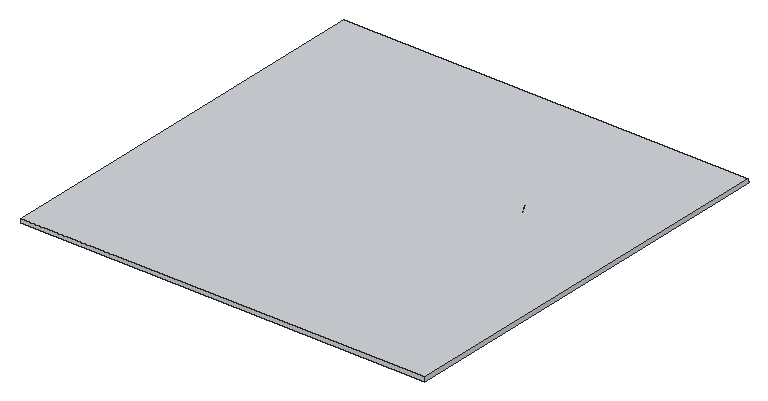
Revit family "Tyco_FireDtctnAlmCtrlIndctEquip_FireClass-AddressableOpticalSmokeHeatAndCODetector", category Fire Alarm Devices, host Face, Revit 2013
Parameters (values of type "FC460PC")
  Weight = "(Excluding Base) 94g"
  WarrantyStartDate [instance] = "1900-12-31T23:59:59"
  WarrantyGuarantorParts = "Contact your supplier. If you don’t have your supplier contact details please contact (tfsuk.service@tycoint.com) or (tfseu.service@tycoint.com)"
  WarrantyGuarantorLabor = "Contact your supplier. If you don’t have your supplier contact details please contact (tfsuk.service@tycoint.com) or (tfseu.service@tycoint.com)"
  WarrantyDurationUnit = "Year"
  WarrantyDurationParts = "1.5 years"
  WarrantyDurationLabor = "1.5 years"
  WarrantyDescription = "n/a"
  Voltage = "20 – 40 VDC"
  Version = "1"
  UsageCurrent = "250μA"
  Uniclass2 = "Ee_40_15_75"
  URL = "https://fireclass.co.uk/en/emea/Pages/ProductDetail.aspx?productdetail=FireClass+Multi+Sensor+Smoke+Detector+Addressable+Heat+Carbon+Monoxide+CO+Alarm+FC460PC"
  Type Comments = "Only 4B_Detector or 4B-I_Isolator Detector Bases can be used with FC460PC Detector"
  TimeConstant = "n/a"
  TagNumber [instance] = "n/a"
  SustainabilityPerformance = "n/a"
  StorageTemperature = "-20°C to +55 °C"
  SmokeSensorRange = "n/a"
  Size = "n/a"
  ShortCircuitIsolators = no
  Shape = "n/a"
  SerialNumber [instance] = "n/a"
  Revision = "n/a"
  ReplacementCost = "n/a"
  RelativeHumidity = "95%(non-condensing)"
  Reference = "n/a"
  QuiescentCurrent = "275μA"
  ProductSpecification = "FC460PC Addressable Optical Smoke, Heat and CO Detector without built in- line isolator and IR Communication Link"
  ProductInformation = "https://fireclass.co.uk/en/emea/Pages/ProductDetail.aspx?productdetail=FireClass+Multi+Sensor+Smoke+Detector+Addressable+Heat+Carbon+Monoxide+CO+Alarm+FC460PC"
  ProductCodes = "516.460.504"
  PressureSensorSetPoint = "n/a"
  PhaseReference = "n/a"
  PhaseAngle = 0.00°
  OperationTemperatureRange = "-10 °C to +55 °C"
  NumberOfPoles = 0
  NominalWidth = 108 mm
  NominalVoltage = "40 V DC"
  NominalLength = 108 mm
  NominalHeight = 42 mm
  NominalFrequencyRange = "n/a"
  NominalDiameter = 108 mm
  NominalCurrent = "n/a"
  Name = "FC460PC Addressable Optical Smoke, Heat and CO Detector without built in- line isolator and IR Communication Link"
  NBSReference = "90-75-30/380"
  NBSDescription = "Fire detection and alarm control and indicating equipment (CIE)"
  ModelReference = "n/a"
  ModelNumber = "FC460PC"
  Model = "FC460PC"
  Material = "Flame Retardant-FR3010 ‘BAYBLEND'"
  ManufacturerURL = "www.fireclass.net"
  ManufacturerName = "Tyco Fire Protection Products"
  Manufacturer = "Tyco Fire Protection Products"  # constant formula
  InsulationStandardClass = "n/a"
  InstallationDate [instance] = "1900-12-31T23:59:59"
  IfcTypeObject = "IfcBuildingElementProxy"
  IfcExportType = "HEATSENSOR"
  IfcExportAs = "IfcSensorType"
  IPCode = "IP44"
  HeatSensorSetPoint = "n/a"
  HeatSensorRange = "n/a"
  HeatSensorAccuracy = "n/a"
  HasProtectiveEarth = no
  HasBuiltInAlarm = no
  Grade = "n/a"
  Finish = "n/a"
  Features = "Optical Smoke,Heat and CO Detector"
  ExpectedLife = "n/a"
  ElectricalDeviceNominalPower = "n/a"
  DurationUnit = "Year"
  DeviceBases = "4B_Detector Base/4B-I_Isolator Detector Base"
  DetectorType = "Optical Smoke,Heat and CO Detector"
  Detector Color = Plastic Material White
  Detector Base [instance] = 4B series Detector Bases : 4B_Detector_Base
  Description = "FireClass-Addressable Optical Smoke, Heat and CO Detector without built in- line isolator and IR Communication Link"
  Default Elevation = 1200 mm
  CoverageArea = "n/a"
  Constituents = "n/a"
  Color = "White"
  CodePerformance = "n/a"
  Category = "Ee_40_15_75"
  Brand = "FireClass"
  BarCode [instance] = "n/a"
  BIMObjectName = "Tyco_FireDtctnAlmCtrlIndctEquip_FireClass-AddressableOpticalSmokeHeatAndCODetector-FC460PC"
  Author = "Tyco Fire Protection Products"
  AssetType = "Moveable"
  AssetIdentifier [instance] = "n/a"
  AlarmCurrent = "3.3mA"
  AccuracyOfSmokeSensor = "n/a"
  AccessibilityPerformance = "n/a"
Reference planes
  plane 1 "Center (Front/Back)": y = 0
  plane 2: z = 0
  plane 3 "Center (Left/Right)": x = 0
  plane 4 "Base Ref": z = -13
  plane 5: z = -55
Forms (mm)
  Extrusion 1, solid
    sketch origin (0, 0, 0) x (1, 0, 0) y (0, 1, 0)
      loop
        line (-100, 100) -> (-100, -100) -> (100, -100) -> (100, 100) -> (-100, 100)
    from 0 to 2
Lines and regions (mm)
  symbolic lines
    curve 1: circle (0, 0, 0) r 55 normal (0, 0, 1)
    curve 2: circle (0, 0, 0) r 27.844 normal (0, 0, 1)
    curve 3: line (-54.5, 0, 0) -> (54.5, 0, 0)
    curve 63: line (0, 54.516, 0) -> (0, -54.509, 0)
  symbolic lines, detail levels medium+fine
    curve 4: line (54.5, 0, 0) -> (54, 0, -13)
    curve 5: line (54, 0, -13) -> (-54, 0, -13)
    curve 6: line (-54, 0, -13) -> (-54.5, 0, 0)
    curve 7: arc (-37.856, 0, -36.4) -> (-41.005, 0, -33.439) -> (-44.898, 0, -31.56) r 14.24
    curve 8: arc (-53.231, 0, -21.704) -> (-50.512, 0, -27.856) -> (-44.898, 0, -31.56) r 11.931
    curve 9: arc (-37.856, 0, -36.4) -> (-35.038, 0, -40.489) -> (-32.735, 0, -44.888) r 41.028
    curve 10: arc (-32.735, 0, -44.888) -> (-28.969, 0, -50.351) -> (-22.82, 0, -52.844) r 11.564
    curve 11: arc (0, 0, -55) -> (-11.461, 0, -54.465) -> (-22.82, 0, -52.844) r 120.632
    curve 12: line (-53.231, 0, -21.704) -> (-54, 0, -13)
    curve 13: arc (37.856, 0, -36.4) -> (41.005, 0, -33.439) -> (44.898, 0, -31.56) r 14.24
    curve 14: arc (53.231, 0, -21.704) -> (50.512, 0, -27.856) -> (44.898, 0, -31.56) r 11.931
    curve 15: arc (37.856, 0, -36.4) -> (35.038, 0, -40.489) -> (32.735, 0, -44.888) r 41.028
    curve 16: arc (32.735, 0, -44.888) -> (28.969, 0, -50.351) -> (22.82, 0, -52.844) r 11.564
    curve 17: arc (0, 0, -55) -> (11.461, 0, -54.465) -> (22.82, 0, -52.844) r 120.632
    curve 18: line (53.231, 0, -21.704) -> (54, 0, -13)
    curve 19: spline (-22.136, 0, -44.829) -> (-22.285, 0, -44.257) -> (-22.444, 0, -43.692) -> (-22.614, 0, -43.133) -> (-22.795, 0, -42.58) -> (-22.986, 0, -42.035) -> (-23.187, 0, -41.497) -> (-23.398, 0, -40.966) -> (-23.619, 0, -40.444) -> (-23.851, 0, -39.931) -> (-24.091, 0, -39.426) -> (-24.341, 0, -38.931) -> (-24.601, 0, -38.445)
    curve 20: spline (-24.601, 0, -38.445) -> (-24.702, 0, -38.266) -> (-24.8, 0, -38.089) -> (-24.896, 0, -37.913) -> (-24.989, 0, -37.739) -> (-25.079, 0, -37.565) -> (-25.167, 0, -37.393) -> (-25.251, 0, -37.223) -> (-25.333, 0, -37.055) -> (-25.411, 0, -36.888) -> (-25.487, 0, -36.723) -> (-25.559, 0, -36.561) -> (-25.629, 0, -36.4)
    curve 21: spline (-16.99, 0, -52.18) -> (-17.571, 0, -51.85) -> (-18.133, 0, -51.46) -> (-18.674, 0, -51.012) -> (-19.19, 0, -50.509) -> (-19.678, 0, -49.954) -> (-20.135, 0, -49.35) -> (-20.561, 0, -48.7) -> (-20.951, 0, -48.007) -> (-21.304, 0, -47.275) -> (-21.617, 0, -46.509) -> (-21.89, 0, -45.712) -> (-22.121, 0, -44.888)
    curve 22: spline (-15.029, 0, -52.569) -> (-15.179, 0, -52.575) -> (-15.34, 0, -52.573) -> (-15.509, 0, -52.563) -> (-15.684, 0, -52.545) -> (-15.863, 0, -52.52) -> (-16.042, 0, -52.488) -> (-16.219, 0, -52.45) -> (-16.391, 0, -52.405) -> (-16.557, 0, -52.355) -> (-16.713, 0, -52.3) -> (-16.858, 0, -52.241) -> (-16.99, 0, -52.179)
    curve 23: line (-8.615, 0, -52.569) -> (-15.029, 0, -52.569)
    curve 24: spline (-7.74, 0, -52.193) -> (-7.718, 0, -52.242) -> (-7.714, 0, -52.29) -> (-7.729, 0, -52.336) -> (-7.763, 0, -52.379) -> (-7.816, 0, -52.418) -> (-7.886, 0, -52.454) -> (-7.973, 0, -52.486) -> (-8.076, 0, -52.513) -> (-8.193, 0, -52.535) -> (-8.323, 0, -52.552) -> (-8.464, 0, -52.563) -> (-8.615, 0, -52.569)
    curve 25: spline (-9.631, 0, -44.858) -> (-9.546, 0, -45.688) -> (-9.446, 0, -46.491) -> (-9.331, 0, -47.263) -> (-9.201, 0, -48) -> (-9.057, 0, -48.698) -> (-8.9, 0, -49.353) -> (-8.732, 0, -49.961) -> (-8.552, 0, -50.519) -> (-8.361, 0, -51.024) -> (-8.162, 0, -51.472) -> (-7.955, 0, -51.863) -> (-7.74, 0, -52.193)
    curve 26: spline (-10.535, 0, -38.446) -> (-10.44, 0, -38.934) -> (-10.348, 0, -39.431) -> (-10.26, 0, -39.938) -> (-10.175, 0, -40.454) -> (-10.093, 0, -40.978) -> (-10.016, 0, -41.511) -> (-9.942, 0, -42.052) -> (-9.872, 0, -42.6) -> (-9.806, 0, -43.155) -> (-9.743, 0, -43.716) -> (-9.685, 0, -44.285) -> (-9.631, 0, -44.858)
    curve 27: spline (-11.314, 0, -36.4) -> (-11.222, 0, -36.558) -> (-11.135, 0, -36.719) -> (-11.053, 0, -36.883) -> (-10.976, 0, -37.048) -> (-10.903, 0, -37.216) -> (-10.836, 0, -37.386) -> (-10.773, 0, -37.558) -> (-10.715, 0, -37.732) -> (-10.663, 0, -37.908) -> (-10.615, 0, -38.086) -> (-10.573, 0, -38.265) -> (-10.535, 0, -38.446)
    curve 28: line (-11.314, 0, -36.4) -> (-25.629, 0, -36.4)
    curve 29: line (25.629, 0, -36.4) -> (11.314, 0, -36.4)
    curve 30: spline (10.566, 0, -38.296) -> (10.604, 0, -38.131) -> (10.646, 0, -37.967) -> (10.693, 0, -37.804) -> (10.745, 0, -37.642) -> (10.8, 0, -37.482) -> (10.861, 0, -37.322) -> (10.926, 0, -37.165) -> (10.995, 0, -37.008) -> (11.068, 0, -36.854) -> (11.146, 0, -36.701) -> (11.228, 0, -36.549) -> (11.314, 0, -36.4)
    curve 31: spline (9.631, 0, -44.858) -> (9.686, 0, -44.27) -> (9.747, 0, -43.687) -> (9.811, 0, -43.111) -> (9.879, 0, -42.542) -> (9.951, 0, -41.981) -> (10.028, 0, -41.428) -> (10.108, 0, -40.883) -> (10.192, 0, -40.346) -> (10.28, 0, -39.819) -> (10.371, 0, -39.301) -> (10.467, 0, -38.794) -> (10.566, 0, -38.296)
    curve 32: spline (7.762, 0, -52.162) -> (7.974, 0, -51.829) -> (8.179, 0, -51.436) -> (8.376, 0, -50.987) -> (8.564, 0, -50.482) -> (8.742, 0, -49.926) -> (8.909, 0, -49.32) -> (9.063, 0, -48.669) -> (9.205, 0, -47.976) -> (9.334, 0, -47.244) -> (9.448, 0, -46.478) -> (9.547, 0, -45.681) -> (9.631, 0, -44.858)
    curve 33: spline (8.688, 0, -52.569) -> (8.521, 0, -52.575) -> (8.364, 0, -52.572) -> (8.22, 0, -52.562) -> (8.091, 0, -52.543) -> (7.979, 0, -52.517) -> (7.884, 0, -52.483) -> (7.81, 0, -52.443) -> (7.757, 0, -52.396) -> (7.725, 0, -52.344) -> (7.716, 0, -52.288) -> (7.729, 0, -52.227) -> (7.764, 0, -52.163)
    curve 34: line (8.688, 0, -52.569) -> (15.092, 0, -52.569)
    curve 35: spline (17.057, 0, -52.145) -> (16.931, 0, -52.199) -> (16.791, 0, -52.252) -> (16.637, 0, -52.303) -> (16.473, 0, -52.352) -> (16.301, 0, -52.397) -> (16.124, 0, -52.438) -> (15.944, 0, -52.474) -> (15.763, 0, -52.505) -> (15.585, 0, -52.53) -> (15.413, 0, -52.55) -> (15.247, 0, -52.563) -> (15.092, 0, -52.569)
    curve 36: spline (22.121, 0, -44.888) -> (21.893, 0, -45.704) -> (21.623, 0, -46.494) -> (21.313, 0, -47.254) -> (20.965, 0, -47.98) -> (20.58, 0, -48.668) -> (20.161, 0, -49.314) -> (19.709, 0, -49.916) -> (19.228, 0, -50.469) -> (18.719, 0, -50.971) -> (18.186, 0, -51.419) -> (17.631, 0, -51.811) -> (17.057, 0, -52.145)
    curve 37: spline (24.552, 0, -38.534) -> (24.296, 0, -39.018) -> (24.049, 0, -39.512) -> (23.812, 0, -40.015) -> (23.584, 0, -40.526) -> (23.366, 0, -41.046) -> (23.157, 0, -41.574) -> (22.959, 0, -42.109) -> (22.77, 0, -42.652) -> (22.592, 0, -43.202) -> (22.425, 0, -43.758) -> (22.268, 0, -44.32) -> (22.121, 0, -44.888)
    curve 38: spline (25.629, 0, -36.4) -> (25.553, 0, -36.565) -> (25.475, 0, -36.732) -> (25.394, 0, -36.903) -> (25.31, 0, -37.075) -> (25.224, 0, -37.25) -> (25.135, 0, -37.428) -> (25.044, 0, -37.607) -> (24.95, 0, -37.789) -> (24.854, 0, -37.973) -> (24.756, 0, -38.158) -> (24.655, 0, -38.345) -> (24.552, 0, -38.534)
    curve 39: spline (-5.342, 0, -52.17) -> (-5.554, 0, -51.838) -> (-5.76, 0, -51.446) -> (-5.958, 0, -50.996) -> (-6.146, 0, -50.492) -> (-6.324, 0, -49.935) -> (-6.492, 0, -49.329) -> (-6.647, 0, -48.677) -> (-6.789, 0, -47.982) -> (-6.918, 0, -47.249) -> (-7.032, 0, -46.481) -> (-7.132, 0, -45.683) -> (-7.216, 0, -44.858)
    curve 40: spline (-7.216, 0, -44.858) -> (-7.282, 0, -44.168) -> (-7.354, 0, -43.485) -> (-7.431, 0, -42.812) -> (-7.514, 0, -42.149) -> (-7.603, 0, -41.497) -> (-7.697, 0, -40.857) -> (-7.796, 0, -40.228) -> (-7.901, 0, -39.612) -> (-8.011, 0, -39.01) -> (-8.125, 0, -38.421) -> (-8.245, 0, -37.848) -> (-8.369, 0, -37.289)
    curve 41: spline (-8.369, 0, -37.289) -> (-8.387, 0, -37.213) -> (-8.403, 0, -37.138) -> (-8.418, 0, -37.063) -> (-8.433, 0, -36.988) -> (-8.447, 0, -36.913) -> (-8.46, 0, -36.839) -> (-8.471, 0, -36.765) -> (-8.482, 0, -36.691) -> (-8.492, 0, -36.618) -> (-8.502, 0, -36.545) -> (-8.51, 0, -36.472) -> (-8.517, 0, -36.4)
    curve 42: line (8.517, 0, -36.4) -> (-8.517, 0, -36.4)
    curve 43: spline (8.517, 0, -36.4) -> (8.51, 0, -36.474) -> (8.501, 0, -36.548) -> (8.491, 0, -36.622) -> (8.481, 0, -36.697) -> (8.47, 0, -36.772) -> (8.457, 0, -36.847) -> (8.444, 0, -36.923) -> (8.43, 0, -37) -> (8.415, 0, -37.076) -> (8.399, 0, -37.153) -> (8.383, 0, -37.231) -> (8.365, 0, -37.308)
    curve 44: spline (8.365, 0, -37.308) -> (8.241, 0, -37.866) -> (8.122, 0, -38.438) -> (8.008, 0, -39.025) -> (7.899, 0, -39.626) -> (7.794, 0, -40.241) -> (7.695, 0, -40.868) -> (7.602, 0, -41.507) -> (7.513, 0, -42.157) -> (7.43, 0, -42.818) -> (7.353, 0, -43.489) -> (7.282, 0, -44.17) -> (7.216, 0, -44.858)
    curve 45: spline (7.216, 0, -44.858) -> (7.132, 0, -45.678) -> (7.034, 0, -46.472) -> (6.92, 0, -47.236) -> (6.792, 0, -47.966) -> (6.651, 0, -48.657) -> (6.497, 0, -49.307) -> (6.331, 0, -49.911) -> (6.155, 0, -50.467) -> (5.968, 0, -50.971) -> (5.772, 0, -51.421) -> (5.568, 0, -51.815) -> (5.357, 0, -52.149)
    curve 46: spline (5.355, 0, -52.148) -> (5.306, 0, -52.202) -> (5.236, 0, -52.255) -> (5.147, 0, -52.305) -> (5.039, 0, -52.353) -> (4.913, 0, -52.398) -> (4.773, 0, -52.439) -> (4.62, 0, -52.475) -> (4.456, 0, -52.505) -> (4.283, 0, -52.531) -> (4.104, 0, -52.55) -> (3.922, 0, -52.563) -> (3.739, 0, -52.569)
    curve 47: line (-3.661, 0, -52.569) -> (3.739, 0, -52.569)
    curve 48: spline (-3.661, 0, -52.569) -> (-3.845, 0, -52.575) -> (-4.029, 0, -52.573) -> (-4.211, 0, -52.562) -> (-4.387, 0, -52.544) -> (-4.556, 0, -52.519) -> (-4.715, 0, -52.486) -> (-4.862, 0, -52.446) -> (-4.994, 0, -52.4) -> (-5.109, 0, -52.348) -> (-5.207, 0, -52.292) -> (-5.284, 0, -52.232) -> (-5.341, 0, -52.169)
    curve 49: line (44.898, 0, -31.56) -> (-44.898, 0, -31.56)
    curve 50: spline (0, 37.856, -36.4) -> (0, 37.299, -37.005) -> (0, 36.763, -37.63) -> (0, 36.251, -38.275) -> (0, 35.762, -38.94) -> (0, 35.296, -39.622) -> (0, 34.855, -40.322) -> (0, 34.439, -41.038) -> (0, 34.049, -41.77) -> (0, 33.685, -42.516) -> (0, 33.348, -43.275) -> (0, 33.038, -44.046) -> (0, 32.755, -44.829)
    curve 51: spline (0, 32.755, -44.829) -> (0, 32.382, -45.801) -> (0, 31.928, -46.735) -> (0, 31.397, -47.625) -> (0, 30.793, -48.464) -> (0, 30.122, -49.246) -> (0, 29.387, -49.964) -> (0, 28.594, -50.613) -> (0, 27.75, -51.188) -> (0, 26.861, -51.685) -> (0, 25.934, -52.1) -> (0, 24.975, -52.43) -> (0, 23.992, -52.672)
    curve 52: arc (0, 53.231, -21.704) -> (0, 50.509, -27.854) -> (0, 44.898, -31.56) r 11.949
    curve 53: arc (0, 44.898, -31.56) -> (0, 41.006, -33.441) -> (0, 37.856, -36.4) r 14.284
    curve 54: arc (0, 23.992, -52.672) -> (0, 12.052, -54.412) -> (0, 0, -55) r 125.727
    curve 55: line (0, 53.231, -21.704) -> (0, 53.992, -13)
    curve 56: spline (0, -37.856, -36.4) -> (0, -37.299, -37.005) -> (0, -36.763, -37.63) -> (0, -36.251, -38.275) -> (0, -35.762, -38.94) -> (0, -35.296, -39.622) -> (0, -34.855, -40.322) -> (0, -34.439, -41.038) -> (0, -34.049, -41.77) -> (0, -33.685, -42.516) -> (0, -33.348, -43.275) -> (0, -33.038, -44.046) -> (0, -32.755, -44.829)
    curve 57: spline (0, -32.755, -44.829) -> (0, -32.382, -45.801) -> (0, -31.928, -46.735) -> (0, -31.397, -47.625) -> (0, -30.793, -48.464) -> (0, -30.122, -49.246) -> (0, -29.387, -49.964) -> (0, -28.594, -50.613) -> (0, -27.75, -51.188) -> (0, -26.861, -51.685) -> (0, -25.934, -52.1) -> (0, -24.975, -52.43) -> (0, -23.992, -52.672)
    curve 58: arc (0, -53.231, -21.704) -> (0, -50.509, -27.854) -> (0, -44.898, -31.56) r 11.949
    curve 59: arc (0, -44.898, -31.56) -> (0, -41.006, -33.441) -> (0, -37.856, -36.4) r 14.284
    curve 60: arc (0, -23.992, -52.672) -> (0, -12.052, -54.412) -> (0, 0, -55) r 125.727
    curve 61: line (0, -53.231, -21.704) -> (0, -53.992, -13)
    curve 62: line (0, 53.992, -13) -> (0, -53.992, -13)
    curve 64: line (0, -54.509, 0) -> (0, -53.992, -13)
    curve 65: line (0, 53.992, -13) -> (0, 54.516, 0)
    curve 66: line (0, 53.231, -21.704) -> (0, -53.231, -21.704)
    curve 67: spline (0, 5.342, -52.17) -> (0, 5.554, -51.838) -> (0, 5.76, -51.446) -> (0, 5.958, -50.996) -> (0, 6.146, -50.492) -> (0, 6.324, -49.935) -> (0, 6.492, -49.329) -> (0, 6.647, -48.677) -> (0, 6.789, -47.982) -> (0, 6.918, -47.249) -> (0, 7.032, -46.481) -> (0, 7.132, -45.683) -> (0, 7.216, -44.858)
    curve 68: spline (0, 3.661, -52.569) -> (0, 3.845, -52.575) -> (0, 4.029, -52.573) -> (0, 4.21, -52.562) -> (0, 4.387, -52.544) -> (0, 4.556, -52.519) -> (0, 4.715, -52.486) -> (0, 4.862, -52.446) -> (0, 4.994, -52.4) -> (0, 5.109, -52.348) -> (0, 5.207, -52.292) -> (0, 5.284, -52.232) -> (0, 5.341, -52.169)
    curve 69: line (0, 0, -52.569) -> (0, 3.661, -52.569)
    curve 70: line (0, -3.739, -52.569) -> (0, 0, -52.569)
    curve 71: spline (0, -5.355, -52.148) -> (0, -5.306, -52.202) -> (0, -5.236, -52.255) -> (0, -5.147, -52.305) -> (0, -5.039, -52.353) -> (0, -4.913, -52.398) -> (0, -4.773, -52.439) -> (0, -4.62, -52.475) -> (0, -4.456, -52.505) -> (0, -4.283, -52.531) -> (0, -4.104, -52.55) -> (0, -3.922, -52.563) -> (0, -3.739, -52.569)
    curve 72: spline (0, -7.216, -44.858) -> (0, -7.132, -45.678) -> (0, -7.034, -46.472) -> (0, -6.92, -47.236) -> (0, -6.792, -47.966) -> (0, -6.651, -48.657) -> (0, -6.497, -49.307) -> (0, -6.331, -49.911) -> (0, -6.155, -50.467) -> (0, -5.968, -50.971) -> (0, -5.772, -51.421) -> (0, -5.568, -51.815) -> (0, -5.357, -52.149)
    curve 73: spline (0, -8.365, -37.308) -> (0, -8.241, -37.866) -> (0, -8.122, -38.438) -> (0, -8.008, -39.025) -> (0, -7.899, -39.626) -> (0, -7.794, -40.241) -> (0, -7.695, -40.868) -> (0, -7.602, -41.507) -> (0, -7.513, -42.157) -> (0, -7.43, -42.818) -> (0, -7.353, -43.489) -> (0, -7.282, -44.17) -> (0, -7.216, -44.858)
    curve 74: spline (0, 7.216, -44.858) -> (0, 7.282, -44.165) -> (0, 7.354, -43.48) -> (0, 7.432, -42.805) -> (0, 7.516, -42.14) -> (0, 7.605, -41.486) -> (0, 7.699, -40.843) -> (0, 7.799, -40.212) -> (0, 7.904, -39.594) -> (0, 8.014, -38.99) -> (0, 8.13, -38.4) -> (0, 8.25, -37.825) -> (0, 8.375, -37.265)
    curve 75: spline (0, 8.375, -37.265) -> (0, 8.391, -37.191) -> (0, 8.407, -37.118) -> (0, 8.422, -37.045) -> (0, 8.436, -36.972) -> (0, 8.449, -36.899) -> (0, 8.462, -36.827) -> (0, 8.473, -36.755) -> (0, 8.484, -36.683) -> (0, 8.493, -36.612) -> (0, 8.502, -36.541) -> (0, 8.51, -36.47) -> (0, 8.517, -36.4)
    curve 76: line (0, 8.517, -36.4) -> (0, 0, -36.4)
    curve 77: line (0, 0, -36.4) -> (0, -8.517, -36.4)
    curve 78: spline (0, -8.517, -36.4) -> (0, -8.51, -36.474) -> (0, -8.501, -36.548) -> (0, -8.491, -36.622) -> (0, -8.481, -36.697) -> (0, -8.47, -36.772) -> (0, -8.457, -36.848) -> (0, -8.444, -36.923) -> (0, -8.43, -37) -> (0, -8.415, -37.076) -> (0, -8.399, -37.153) -> (0, -8.383, -37.231) -> (0, -8.365, -37.308)
    curve 79: spline (0, 11.314, -36.4) -> (0, 11.222, -36.558) -> (0, 11.135, -36.719) -> (0, 11.053, -36.882) -> (0, 10.976, -37.048) -> (0, 10.903, -37.216) -> (0, 10.836, -37.386) -> (0, 10.773, -37.558) -> (0, 10.715, -37.732) -> (0, 10.663, -37.907) -> (0, 10.615, -38.085) -> (0, 10.573, -38.264) -> (0, 10.535, -38.445)
    curve 80: spline (0, 10.535, -38.445) -> (0, 10.44, -38.933) -> (0, 10.348, -39.43) -> (0, 10.26, -39.937) -> (0, 10.175, -40.453) -> (0, 10.094, -40.978) -> (0, 10.016, -41.51) -> (0, 9.942, -42.051) -> (0, 9.872, -42.599) -> (0, 9.806, -43.154) -> (0, 9.743, -43.716) -> (0, 9.685, -44.284) -> (0, 9.631, -44.858)
    curve 81: spline (0, 9.631, -44.858) -> (0, 9.546, -45.688) -> (0, 9.446, -46.491) -> (0, 9.33, -47.263) -> (0, 9.201, -48) -> (0, 9.057, -48.698) -> (0, 8.9, -49.353) -> (0, 8.732, -49.961) -> (0, 8.552, -50.519) -> (0, 8.361, -51.024) -> (0, 8.162, -51.472) -> (0, 7.955, -51.863) -> (0, 7.74, -52.193)
    curve 82: spline (0, 7.74, -52.193) -> (0, 7.718, -52.242) -> (0, 7.714, -52.29) -> (0, 7.729, -52.336) -> (0, 7.763, -52.379) -> (0, 7.816, -52.418) -> (0, 7.886, -52.454) -> (0, 7.973, -52.486) -> (0, 8.076, -52.513) -> (0, 8.193, -52.535) -> (0, 8.323, -52.552) -> (0, 8.464, -52.563) -> (0, 8.616, -52.569)
    curve 83: line (0, 8.616, -52.569) -> (0, 15.029, -52.569)
    curve 84: spline (0, 15.029, -52.569) -> (0, 15.179, -52.575) -> (0, 15.34, -52.573) -> (0, 15.509, -52.563) -> (0, 15.684, -52.545) -> (0, 15.863, -52.52) -> (0, 16.041, -52.488) -> (0, 16.219, -52.45) -> (0, 16.391, -52.405) -> (0, 16.557, -52.355) -> (0, 16.713, -52.3) -> (0, 16.858, -52.241) -> (0, 16.99, -52.179)
    curve 85: spline (0, 16.99, -52.18) -> (0, 17.571, -51.85) -> (0, 18.133, -51.46) -> (0, 18.674, -51.012) -> (0, 19.19, -50.509) -> (0, 19.678, -49.954) -> (0, 20.135, -49.35) -> (0, 20.561, -48.7) -> (0, 20.951, -48.007) -> (0, 21.304, -47.275) -> (0, 21.617, -46.509) -> (0, 21.89, -45.712) -> (0, 22.121, -44.888)
    curve 86: spline (0, 22.136, -44.829) -> (0, 22.285, -44.257) -> (0, 22.444, -43.692) -> (0, 22.614, -43.133) -> (0, 22.795, -42.58) -> (0, 22.985, -42.035) -> (0, 23.187, -41.497) -> (0, 23.398, -40.967) -> (0, 23.619, -40.445) -> (0, 23.85, -39.931) -> (0, 24.091, -39.426) -> (0, 24.341, -38.931) -> (0, 24.601, -38.445)
    curve 87: spline (0, 24.601, -38.445) -> (0, 24.702, -38.267) -> (0, 24.8, -38.09) -> (0, 24.896, -37.914) -> (0, 24.989, -37.739) -> (0, 25.079, -37.566) -> (0, 25.167, -37.394) -> (0, 25.251, -37.224) -> (0, 25.333, -37.055) -> (0, 25.411, -36.888) -> (0, 25.487, -36.724) -> (0, 25.559, -36.561) -> (0, 25.629, -36.4)
    curve 88: line (0, 25.629, -36.4) -> (0, 11.314, -36.4)
    curve 89: line (0, -11.314, -36.4) -> (0, -25.629, -36.4)
    curve 90: spline (0, -25.629, -36.4) -> (0, -25.553, -36.565) -> (0, -25.475, -36.733) -> (0, -25.394, -36.903) -> (0, -25.31, -37.076) -> (0, -25.224, -37.251) -> (0, -25.135, -37.428) -> (0, -25.044, -37.608) -> (0, -24.95, -37.789) -> (0, -24.854, -37.973) -> (0, -24.755, -38.159) -> (0, -24.655, -38.346) -> (0, -24.552, -38.535)
    curve 91: spline (0, -24.552, -38.535) -> (0, -24.298, -39.015) -> (0, -24.053, -39.504) -> (0, -23.818, -40.002) -> (0, -23.591, -40.509) -> (0, -23.375, -41.024) -> (0, -23.168, -41.546) -> (0, -22.97, -42.077) -> (0, -22.783, -42.614) -> (0, -22.606, -43.159) -> (0, -22.439, -43.709) -> (0, -22.282, -44.266) -> (0, -22.136, -44.829)
    curve 92: spline (0, -22.121, -44.888) -> (0, -21.893, -45.704) -> (0, -21.623, -46.494) -> (0, -21.313, -47.254) -> (0, -20.965, -47.98) -> (0, -20.58, -48.668) -> (0, -20.161, -49.314) -> (0, -19.709, -49.916) -> (0, -19.228, -50.469) -> (0, -18.719, -50.971) -> (0, -18.186, -51.419) -> (0, -17.631, -51.811) -> (0, -17.057, -52.145)
    curve 93: spline (0, -17.057, -52.145) -> (0, -16.931, -52.199) -> (0, -16.79, -52.252) -> (0, -16.637, -52.304) -> (0, -16.473, -52.352) -> (0, -16.301, -52.397) -> (0, -16.124, -52.438) -> (0, -15.944, -52.474) -> (0, -15.763, -52.505) -> (0, -15.585, -52.53) -> (0, -15.413, -52.55) -> (0, -15.247, -52.563) -> (0, -15.092, -52.569)
    curve 94: line (0, -8.688, -52.569) -> (0, -15.092, -52.569)
    curve 95: spline (0, -8.688, -52.569) -> (0, -8.521, -52.575) -> (0, -8.364, -52.573) -> (0, -8.22, -52.562) -> (0, -8.091, -52.544) -> (0, -7.978, -52.517) -> (0, -7.884, -52.484) -> (0, -7.81, -52.443) -> (0, -7.757, -52.397) -> (0, -7.725, -52.344) -> (0, -7.716, -52.287) -> (0, -7.729, -52.226) -> (0, -7.764, -52.163)
    curve 96: spline (0, -7.763, -52.162) -> (0, -7.975, -51.828) -> (0, -8.18, -51.436) -> (0, -8.376, -50.986) -> (0, -8.564, -50.482) -> (0, -8.742, -49.925) -> (0, -8.909, -49.32) -> (0, -9.063, -48.669) -> (0, -9.205, -47.976) -> (0, -9.334, -47.244) -> (0, -9.448, -46.478) -> (0, -9.547, -45.681) -> (0, -9.631, -44.858)
    curve 97: spline (0, -9.631, -44.858) -> (0, -9.686, -44.27) -> (0, -9.747, -43.687) -> (0, -9.811, -43.111) -> (0, -9.879, -42.542) -> (0, -9.951, -41.981) -> (0, -10.028, -41.427) -> (0, -10.108, -40.882) -> (0, -10.192, -40.346) -> (0, -10.28, -39.818) -> (0, -10.372, -39.301) -> (0, -10.467, -38.793) -> (0, -10.566, -38.295)
    curve 98: spline (0, -10.566, -38.295) -> (0, -10.604, -38.13) -> (0, -10.646, -37.966) -> (0, -10.693, -37.803) -> (0, -10.745, -37.642) -> (0, -10.8, -37.481) -> (0, -10.861, -37.322) -> (0, -10.926, -37.164) -> (0, -10.995, -37.008) -> (0, -11.068, -36.854) -> (0, -11.146, -36.701) -> (0, -11.228, -36.549) -> (0, -11.314, -36.4)
  symbolic lines, detail levels coarse
    curve 99: line (-54.5, 0, -55) -> (-54.5, 0, 0)
    curve 100: line (54.559, 0, -55) -> (-54.5, 0, -55)
    curve 101: line (54.559, 0, 0) -> (54.559, 0, -55)
    curve 102: line (0, 54.516, 0) -> (0, 54.516, -55)
    curve 103: line (0, -54.509, 0) -> (0, -54.509, -55)
    curve 104: line (0, -54.509, -55) -> (0, 54.516, -55)
Dimensions and locks
  locked: plane 4 "Base Ref" to plane 5 at 42
  locked: Extrusion 1 sketch curve to Extrusion 1 sketch curve at 200  (x2)
  locked: plane 3 "Center (Left/Right)" to Extrusion 1 sketch curve at 100
  locked: plane 1 "Center (Front/Back)" to Extrusion 1 sketch curve at 100
  locked: level to plane 4 "Base Ref" at 13
  aligned and locked: plane 2 to Extrusion 1
  aligned and locked: level to Extrusion 1
  aligned and locked: plane 3 "Center (Left/Right)" to nested 1
  aligned and locked: plane 1 "Center (Front/Back)" to nested 1
  aligned and locked: plane 1 "Center (Front/Back)" to nested 2
  aligned and locked: plane 3 "Center (Left/Right)" to nested 2
  aligned and locked: plane 1 "Center (Front/Back)" to curve 1
  aligned and locked: plane 3 "Center (Left/Right)" to curve 1
  aligned and locked: plane 1 "Center (Front/Back)" to curve 2
  aligned and locked: plane 3 "Center (Left/Right)" to curve 2
  aligned and locked: plane 4 "Base Ref" to nested 1
  aligned and locked: nested 1 to Extrusion 1
  aligned and locked: curve 12 to nested 2
  aligned and locked: curve 28 to nested 2
  aligned and locked: nested 1 to curve 62
  aligned and locked: nested 2 to curve 88
  aligned and locked: curve 99 to nested 1
  aligned and locked: plane 5 to curve 100
  aligned and locked: curve 101 to nested 1
  aligned and locked: nested 1 to curve 99
  aligned and locked: plane 5 to curve 104
Nested families
  nested 1: "4B series Detector Bases" at (0, 0, 0), type <- "Detector Base", type "4B_Detector_Base"
  nested 2: "Detector Model" at (0, 0, -13), type "Detector Model"
Connectors
  electrical at (0, 0, 0)
    settings: on plane 2, index 1, voltage 0 V, apparent load 0 VA, apparent load phase1 0 VA, apparent load phase2 0 VA, apparent load phase3 0 VA, power factor 1, load classification "Other", number of poles 1, system type 11, power factor state 1, is connector primary yes, connector utility no, sub classification motor no, connector description "Loop Powered"
Definition of nested family "4B series Detector Bases"
  Parameters (values of type "4B-I_Isolator_Detector_Base")
    Material = Plastic Material White
    Manufacturer = "Tyco"
    Default Elevation = 0 mm
  Types (3): name
    4B_Detector_Base
    4B-C_Continuity_Detector_Base
    4B-I_Isolator_Detector_Base
  Reference planes
    plane 1 "Center (Front/Back)": y = 0
    plane 2: z = 0
    plane 3 "Center (Left/Right)": x = 0
    plane 4 "Base Ref": z = -13
  Forms (mm)
    Revolve 1, solid, material "Plastic Material White" <- "Material"
      sketch origin (0, 0, 0) x (1, 0, 0) y (0, 0, 1)
        loop
          line (0, 0) -> (-54.5, 0) -> (-54.023, -13) -> (0, -13) -> (0, 0)
        axis (0, 0) -> (0, -13)
      angle from 0 to 360
  Dimensions and locks
    locked: plane 3 "Center (Left/Right)" to Revolve 1 sketch curve at 54.5
    plane 3 "Center (Left/Right)" to Revolve 1 sketch curve = 54.023 mm
    locked: level to plane 4 "Base Ref" at 13
    locked: Revolve 1 sketch curve to Revolve 1 sketch curve (angle 87.90°)
    aligned and locked: level to plane 2
    aligned and locked: plane 3 "Center (Left/Right)" to Revolve 1 sketch curve
    aligned and locked: level to Revolve 1 sketch curve
    aligned and locked: Revolve 1 sketch curve to plane 3 "Center (Left/Right)"
    aligned and locked: plane 4 "Base Ref" to Revolve 1 sketch curve
Definition of nested family "Detector Model"
  Parameters (values of type "Detector Model")
    Model = "Detector Model"
    Material = Plastic Material White
    Manufacturer = "Tyco"
  Reference planes
    plane 1 "Center (Front/Back)": y = 0
    plane 2: z = 0
    plane 3 "Center (Left/Right)": x = 0
    plane 4: z = -42
    plane 5 "Ref": z = -23.4
  Forms (mm)
    Revolve 1, solid, material "Plastic Material White" <- "Material"
      sketch origin (0, 0, 0) x (1, 0, 0) y (0, 0, 1)
        loop
          arc (-53.231, -8.704) -> (-50.502, -14.848) -> (-44.898, -18.56) r 12
          arc (-44.898, -18.56) -> (-37.35, -23.928) -> (-32.568, -31.859) r 22.749
          arc (-32.568, -31.859) -> (-29.115, -36.946) -> (-23.598, -39.657) r 12.009
          arc (-23.598, -39.657) -> (-11.857, -41.413) -> (0, -42) r 120
          line (0, -42) -> (0, -39.5)
          arc (0, -39.5) -> (-11.964, -38.889) -> (-23.804, -37.064) r 117.5
          line (-23.804, -37.064) -> (-27.901, -23.206) -> (-38.112, -19.797)
          arc (-38.112, -19.797) -> (-40.949, -17.799) -> (-44.033, -16.209) r 25.249
          arc (-44.033, -16.209) -> (-48.534, -13.303) -> (-50.746, -8.424) r 9.5
          line (-50.746, -8.424) -> (-51.49, 0) -> (-54, 0) -> (-53.231, -8.704)
        axis (0, 0) -> (0, -42)
      angle from 0 to 360
    Extrusion 2, void
      sketch origin (0, 0, 0) x (1, 0, 0) y (0, 1, 0)
        loop
          arc (3.675, 23.717) -> (4.724, 23.943) -> (5.354, 24.811) r 1.5
          line (5.354, 24.811) -> (8.376, 36.088)
          arc (8.376, 36.088) -> (8.535, 37.153) -> (8.464, 38.226) r 5
          line (8.464, 38.226) -> (7.11, 45.906)
          arc (7.11, 45.906) -> (0, 46.454) -> (-7.11, 45.906) r 46.454
          line (-7.11, 45.906) -> (-8.464, 38.226)
          arc (-8.464, 38.226) -> (-8.535, 37.14) -> (-8.369, 36.064) r 5
          line (-8.369, 36.064) -> (-5.354, 24.811)
          arc (-5.354, 24.811) -> (-4.724, 23.943) -> (-3.675, 23.717) r 1.5
          arc (-3.675, 23.717) -> (0, 24) -> (3.675, 23.717) r 24
        loop
          line (-34.489, 10.535) -> (-24.164, 7.769)
          arc (-24.164, 7.769) -> (-23.097, 7.88) -> (-22.377, 8.675) r 1.5
          arc (-22.377, 8.675) -> (-20.785, 12) -> (-18.702, 15.041) r 24
          arc (-18.702, 15.041) -> (-18.373, 16.063) -> (-18.81, 17.042) r 1.5
          line (-18.81, 17.042) -> (-26.368, 24.601)
          arc (-26.368, 24.601) -> (-27.121, 25.219) -> (-27.978, 25.679) r 5
          line (-27.978, 25.679) -> (-36.201, 29.11)
          arc (-36.201, 29.11) -> (-40.23, 23.227) -> (-43.311, 16.796) r 46.454
          line (-43.311, 16.796) -> (-36.229, 11.391)
          arc (-36.229, 11.391) -> (-35.401, 10.878) -> (-34.489, 10.535) r 5
        loop
          line (-24.811, 5.354) -> (-36.089, 8.376)
          arc (-36.089, 8.376) -> (-37.153, 8.535) -> (-38.226, 8.464) r 5
          line (-38.226, 8.464) -> (-45.906, 7.11)
          arc (-45.906, 7.11) -> (-46.454, 0) -> (-45.906, -7.11) r 46.454
          line (-45.906, -7.11) -> (-38.226, -8.464)
          arc (-38.226, -8.464) -> (-37.153, -8.535) -> (-36.088, -8.376) r 5
          line (-36.088, -8.376) -> (-24.811, -5.354)
          arc (-24.811, -5.354) -> (-23.943, -4.724) -> (-23.717, -3.675) r 1.5
          arc (-23.717, -3.675) -> (-24, 0) -> (-23.717, 3.675) r 24
          arc (-23.717, 3.675) -> (-23.943, 4.724) -> (-24.811, 5.354) r 1.5
        loop
          line (-24.601, 26.369) -> (-17.042, 18.81)
          arc (-17.042, 18.81) -> (-16.063, 18.373) -> (-15.041, 18.702) r 1.5
          arc (-15.041, 18.702) -> (-12, 20.785) -> (-8.676, 22.377) r 24
          arc (-8.676, 22.377) -> (-7.88, 23.097) -> (-7.769, 24.164) r 1.5
          line (-7.769, 24.164) -> (-10.535, 34.489)
          arc (-10.535, 34.489) -> (-10.878, 35.4) -> (-11.39, 36.228) r 5
          line (-11.39, 36.228) -> (-16.796, 43.311)
          arc (-16.796, 43.311) -> (-23.227, 40.23) -> (-29.11, 36.201) r 46.454
          line (-29.11, 36.201) -> (-25.68, 27.979)
          arc (-25.68, 27.979) -> (-25.219, 27.121) -> (-24.601, 26.369) r 5
        loop
          arc (7.772, 24.177) -> (7.877, 23.103) -> (8.675, 22.377) r 1.5
          arc (8.675, 22.377) -> (12, 20.785) -> (15.041, 18.702) r 24
          arc (15.041, 18.702) -> (16.062, 18.373) -> (17.042, 18.81) r 1.5
          line (17.042, 18.81) -> (24.601, 26.369)
          arc (24.601, 26.369) -> (25.219, 27.121) -> (25.68, 27.979) r 5
          line (25.68, 27.979) -> (29.11, 36.201)
          arc (29.11, 36.201) -> (23.227, 40.23) -> (16.796, 43.311) r 46.454
          line (16.796, 43.311) -> (11.39, 36.228)
          arc (11.39, 36.228) -> (10.878, 35.4) -> (10.535, 34.489) r 5
          line (10.535, 34.489) -> (7.772, 24.177)
        loop
          arc (18.818, 17.05) -> (18.373, 16.068) -> (18.702, 15.041) r 1.5
          arc (18.702, 15.041) -> (20.785, 12) -> (22.377, 8.675) r 24
          arc (22.377, 8.675) -> (23.097, 7.88) -> (24.164, 7.769) r 1.5
          line (24.164, 7.769) -> (34.489, 10.535)
          arc (34.489, 10.535) -> (35.401, 10.878) -> (36.229, 11.391) r 5
          line (36.229, 11.391) -> (43.311, 16.796)
          arc (43.311, 16.796) -> (40.23, 23.227) -> (36.201, 29.11) r 46.454
          line (36.201, 29.11) -> (27.978, 25.679)
          arc (27.978, 25.679) -> (27.121, 25.219) -> (26.368, 24.601) r 5
          line (26.368, 24.601) -> (18.818, 17.05)
        loop
          arc (23.717, -3.675) -> (23.943, -4.724) -> (24.811, -5.354) r 1.5
          line (24.811, -5.354) -> (36.085, -8.375)
          arc (36.085, -8.375) -> (37.151, -8.535) -> (38.226, -8.464) r 5
          line (38.226, -8.464) -> (45.906, -7.11)
          arc (45.906, -7.11) -> (46.454, 0) -> (45.906, 7.11) r 46.454
          line (45.906, 7.11) -> (38.226, 8.464)
          arc (38.226, 8.464) -> (37.151, 8.535) -> (36.085, 8.375) r 5
          line (36.085, 8.375) -> (24.811, 5.354)
          arc (24.811, 5.354) -> (23.943, 4.724) -> (23.717, 3.675) r 1.5
          arc (23.717, 3.675) -> (24, 0) -> (23.717, -3.675) r 24
        loop
          arc (18.702, -15.041) -> (18.372, -16.057) -> (18.802, -17.034) r 1.5
          line (18.802, -17.034) -> (26.368, -24.601)
          arc (26.368, -24.601) -> (27.121, -25.219) -> (27.978, -25.679) r 5
          line (27.978, -25.679) -> (36.201, -29.11)
          arc (36.201, -29.11) -> (40.23, -23.227) -> (43.311, -16.796) r 46.454
          line (43.311, -16.796) -> (36.229, -11.391)
          arc (36.229, -11.391) -> (35.401, -10.878) -> (34.489, -10.535) r 5
          line (34.489, -10.535) -> (24.164, -7.769)
          arc (24.164, -7.769) -> (23.097, -7.88) -> (22.377, -8.675) r 1.5
          arc (22.377, -8.675) -> (20.785, -12) -> (18.702, -15.041) r 24
        loop
          arc (8.675, -22.377) -> (7.883, -23.091) -> (7.765, -24.151) r 1.5
          line (7.765, -24.151) -> (10.535, -34.489)
          arc (10.535, -34.489) -> (10.878, -35.4) -> (11.39, -36.228) r 5
          line (11.39, -36.228) -> (16.796, -43.311)
          arc (16.796, -43.311) -> (23.227, -40.23) -> (29.11, -36.201) r 46.454
          line (29.11, -36.201) -> (25.68, -27.979)
          arc (25.68, -27.979) -> (25.219, -27.121) -> (24.601, -26.369) r 5
          line (24.601, -26.369) -> (17.042, -18.81)
          arc (17.042, -18.81) -> (16.062, -18.373) -> (15.041, -18.702) r 1.5
          arc (15.041, -18.702) -> (12, -20.785) -> (8.675, -22.377) r 24
        loop
          line (8.376, -36.088) -> (5.354, -24.811)
          arc (5.354, -24.811) -> (4.724, -23.943) -> (3.675, -23.717) r 1.5
          arc (3.675, -23.717) -> (0, -24) -> (-3.675, -23.717) r 24
          arc (-3.675, -23.717) -> (-4.724, -23.943) -> (-5.354, -24.811) r 1.5
          line (-5.354, -24.811) -> (-8.369, -36.064)
          arc (-8.369, -36.064) -> (-8.535, -37.14) -> (-8.464, -38.226) r 5
          line (-8.464, -38.226) -> (-7.11, -45.906)
          arc (-7.11, -45.906) -> (0, -46.454) -> (7.11, -45.906) r 46.454
          line (7.11, -45.906) -> (8.464, -38.226)
          arc (8.464, -38.226) -> (8.535, -37.153) -> (8.376, -36.088) r 5
        loop
          line (-10.535, -34.489) -> (-7.769, -24.164)
          arc (-7.769, -24.164) -> (-7.88, -23.097) -> (-8.676, -22.377) r 1.5
          arc (-8.676, -22.377) -> (-12, -20.785) -> (-15.041, -18.702) r 24
          arc (-15.041, -18.702) -> (-16.063, -18.373) -> (-17.042, -18.81) r 1.5
          line (-17.042, -18.81) -> (-24.601, -26.369)
          arc (-24.601, -26.369) -> (-25.219, -27.121) -> (-25.68, -27.979) r 5
          line (-25.68, -27.979) -> (-29.11, -36.201)
          arc (-29.11, -36.201) -> (-23.227, -40.23) -> (-16.796, -43.311) r 46.454
          line (-16.796, -43.311) -> (-11.39, -36.228)
          arc (-11.39, -36.228) -> (-10.878, -35.4) -> (-10.535, -34.489) r 5
        loop
          line (-26.368, -24.601) -> (-18.81, -17.042)
          arc (-18.81, -17.042) -> (-18.373, -16.063) -> (-18.702, -15.041) r 1.5
          arc (-18.702, -15.041) -> (-20.785, -12) -> (-22.377, -8.675) r 24
          arc (-22.377, -8.675) -> (-23.097, -7.88) -> (-24.164, -7.769) r 1.5
          line (-24.164, -7.769) -> (-34.489, -10.535)
          arc (-34.489, -10.535) -> (-35.401, -10.878) -> (-36.229, -11.391) r 5
          line (-36.229, -11.391) -> (-43.311, -16.796)
          arc (-43.311, -16.796) -> (-40.23, -23.227) -> (-36.201, -29.11) r 46.454
          line (-36.201, -29.11) -> (-27.978, -25.679)
          arc (-27.978, -25.679) -> (-27.121, -25.219) -> (-26.368, -24.601) r 5
      from -42 to -23.4
    Revolve 3, solid, material "Material Black", detail levels fine
      sketch origin (0, 0, 0) x (1, 0, 0) y (0, 0, 1)
        loop
          line (0, -39.569) -> (0, 0) -> (-50, 0) -> (-50, -8.704) -> (-34, -8.704)
          arc (-34, -8.704) -> (-31.172, -9.876) -> (-30, -12.704) r 4
          line (-30, -12.704) -> (-30, -21.4)
          arc (-30, -21.4) -> (-29.414, -22.814) -> (-28, -23.4) r 2
          line (-28, -23.4) -> (-22, -23.4)
          arc (-22, -23.4) -> (-20.586, -23.986) -> (-20, -25.4) r 2
          line (-20, -25.4) -> (-20, -37.569)
          arc (-20, -37.569) -> (-19.414, -38.983) -> (-18, -39.569) r 2
          line (-18, -39.569) -> (0, -39.569)
        axis (0, 0) -> (0, -39.569)
      angle from 0 to 360
  Cuts and joins
    Extrusion 2 cuts Revolve 1
  Dimensions and locks
    locked: level to plane 4 at 42
    locked: Revolve 1 sketch curve to Revolve 1 sketch curve at 2.5
    locked: plane 3 "Center (Left/Right)" to Revolve 1 sketch curve at 54
    locked: level to plane 5 "Ref" at 23.4
    locked: plane 3 "Center (Left/Right)" to Revolve 3 sketch curve at 50
    locked: plane 3 "Center (Left/Right)" to Revolve 3 sketch curve at 30
    locked: plane 3 "Center (Left/Right)" to Revolve 3 sketch curve at 20
    aligned and locked: level to plane 2
    aligned and locked: Revolve 1 sketch curve to plane 3 "Center (Left/Right)"  (x2)
    aligned and locked: plane 4 to Revolve 1 sketch curve
    aligned and locked: Revolve 1 sketch curve to level
    aligned and locked: plane 4 to Extrusion 2
    aligned and locked: plane 5 "Ref" to cut or joined group of Revolve 1, Extrusion 2
    aligned and locked: Revolve 3 sketch curve to plane 3 "Center (Left/Right)"  (x2)
    aligned and locked: cut or joined group of Revolve 1, Extrusion 2 to Revolve 3 sketch curve
    aligned and locked: Revolve 3 sketch curve to cut or joined group of Revolve 1, Extrusion 2
    aligned and locked: Revolve 3 sketch curve to level
    aligned and locked: Revolve 3 sketch curve to Revolve 3 sketch curve
